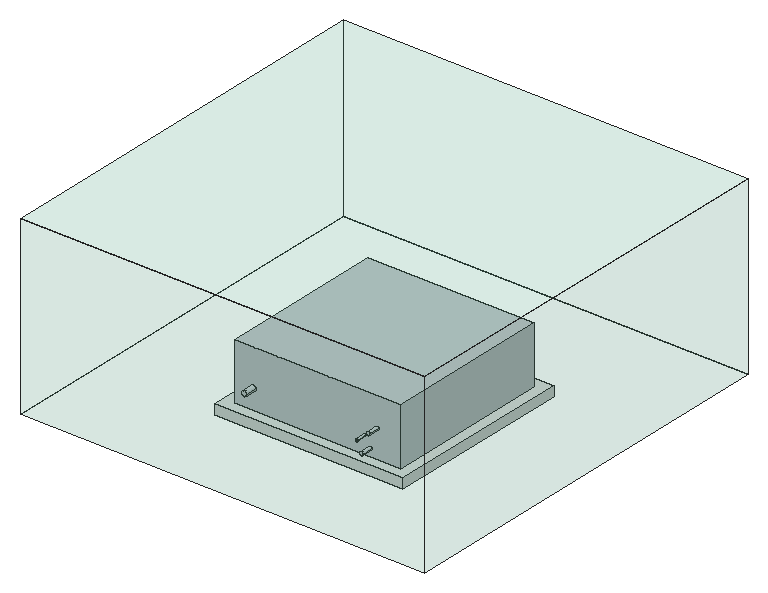
Revit family "EU_SINGLE_IDU_4WAY_CST_L_Ver.1.1", category Mechanical Equipment, Revit 2016
Family settings
  Part Type = Normal
  Round Connector Dimension = Use Radius
  Work Plane-Based = No
  Always vertical = Yes
  Cut with Voids When Loaded = No
  Shared = No
  Room Calculation Point = No
Parameters (values of type "14.0kW, 220-240V, 4WAY CASSETTE(LRG+), R32, 3phase ODU")
  Voltage [instance] = "220~240 V"
  URL = "www.samsung.com"
  Total Heating Capacity [instance] = 15.5 kW
  Total Cooling Capacity [instance] = 13.4 kW
  System Served = ""
  Supply Air Connection Width [instance] = 370.00 mm
  Supply Air Connection Offset Bottom [instance] = 0.00 mm
  Supply Air Connection Height [instance] = 120.00 mm
  Subscribe for Update Alerts = ""
  Sound Pressure Middle [instance] = "41.00 dB(A)"
  Sound Pressure Low [instance] = "37.00 dB(A)"
  Sound Pressure High [instance] = "45.00 dB(A)"
  Sound Power Cooling [instance] = "61.00 dB(A)"
  Serial Number = ""
  Sensible Cooling Capacity [instance] = 0 kW
  Sales Rep Locator = ""
  Return Air Connection Width [instance] = 0.00 mm
  Return Air Connection Offset Bottom [instance] = 0.00 mm
  Return Air Connection Height [instance] = 6.35 mm
  Refrigerant Type = "R32"
  Refrigerant Suction Gas Connection Radius [instance] = if(1 = 1, Refrigerant Suction Gas Connection Diameter / 2, 0.00 mm)  # 7.94 mm
  Refrigerant Suction Gas Connection Offset Left [instance] = 120.00 mm
  Refrigerant Suction Gas Connection Offset Bottom [instance] = 188.00 mm
  Refrigerant Suction Gas Connection Diameter [instance] = 15.88 mm
  Refrigerant Liquid Connection Radius [instance] = if(1 = 1, Refrigerant Liquid Connection Diameter / 2, 0.00 mm)  # 4.76 mm
  Refrigerant Liquid Connection Offset Left [instance] = 180.00 mm
  Refrigerant Liquid Connection Offset Bottom [instance] = 136.00 mm
  Refrigerant Liquid Connection Diameter [instance] = 9.52 mm
  Product Page URL = ""
  Product Documentation Link = ""
  Power Supply [instance] = 50 Hz
  Power Input Heating [instance] = 4.9 W
  Power Input Cooling [instance] = 4.62 W
  Power Connection Offset Left [instance] = 154.00 mm
  Power Connection Offset Bottom [instance] = 85.00 mm
  Phase [instance] = 1
  Panel Net Weight = 6.30 kg
  Panel Net Dimensions Width [instance] = 950.00 mm
  Panel Net Dimensions Height [instance] = 48.00 mm
  Panel Net Dimensions Depth [instance] = 950.00 mm
  Panel Model = "PC4NUFMAN"
  Number of poles [instance] = ""
  Notes = ""
  Net Dimensions Width [instance] = 840.00 mm
  Net Dimensions Height [instance] = 288.00 mm
  Net Dimensions Depth [instance] = 840.00 mm
  Net  Weight = 20.00 kg
  Motor Ouput [instance] = 97 W
  Model/Referance Outdoor Unit [instance] = "AC140RXADNG/EU"
  Model = "AC140RN4DKG/EU"
  Maximum Rated Over Protection Device [instance] = "Fuse"
  Manufacturer Metadata = ""
  Manufacturer = "SAMSUNG"  # constant formula
  Location = ""
  Heating Leaving Dry Bulb Temperature [instance] = 0 °C
  Heating Entering Dry Bulb Temperature [instance] = 7 °C
  Free Content Downloads = ""
  Family Load Status [instance] = "Valid - Type loaded via type catalog"
  External Static Pressure [instance] = "0.00 mmAq"
  Equipment Finish [instance] = Molded case
  Designation = ""
  Design Heating Air Flow Minimum [instance] = "0.00 CMM"
  Design Heating Air Flow Maximum [instance] = "0.00 CMM"
  Design Cooling Air Flow Minimum [instance] = "22.00 CMM"
  Design Cooling Air Flow Maximum [instance] = "32.00 CMM"
  Design Ambient Winter Wet Bulb Temperature [instance] = 6 °C
  Design Ambient Winter Dry Bulb Temperature [instance] = 7 °C
  Design Ambient Summer Dry Bulb Temperature [instance] = 35 °C
  Decoration Panel Finish [instance] = White
  Current Input Heating [instance] = 21.3 A
  Current Input Cooling [instance] = 20 A
  Cooling Leaving Wet Bulb Temperature [instance] = 0 °C
  Cooling Leaving Dry Bulb Temperature [instance] = 0 °C
  Cooling Entering Wet Bulb Temperature [instance] = 24 °C
  Cooling Entering Dry Bulb Temperature [instance] = 35 °C
  Conduit for power supply & communication wiring [instance] = 17.00 mm
  Condensate Drain Connection Radius [instance] = if(1 = 1, Condensate Drain Connection Diameter / 2, 0.00 mm)  # 12.50 mm
  Condensate Drain Connection Offset left [instance] = 95.00 mm
  Condensate Drain Connection Offset Bottom [instance] = 150.00 mm
  Condensate Drain Connection Diameter [instance] = 25.00 mm
  Clearance Type [instance] = Include Clearance : Include Clearance
  Clearance Offset Top [instance] = 600.00 mm
  Clearance Offset Right [instance] = 600.00 mm
  Clearance Offset Left [instance] = 600.00 mm
  Clearance Offset Front [instance] = 600.00 mm
  Clearance Offset Bottom [instance] = 0.00 mm
  Clearance Offset Back [instance] = 600.00 mm
  Actual Ventilation Air Flow [instance] = "0.00 CMM"
  Actual Supply Air Flow [instance] = "0.00 CMM"
  Actual Return Air Flow [instance] = "0.00 CMM"
  Actual Air Flow Imbalance [instance] = "0.00 CMM"
Reference planes
  plane 1 "Center (Front/Back)": y = 0
  plane 2 "base": z = 0
  plane 3 "Center (Left/Right)": x = 0
  plane 4: x = -420
  plane 5: x = 420
  plane 6: y = 420
  plane 7: y = -420
  plane 8: z = 288
  plane 9: x = -475
  plane 10: x = 475
  plane 11: y = -475
  plane 12: y = 475
  plane 13: z = -48
  plane 14: x = 185
  plane 15: x = -185
  plane 16: z = 149.5
  plane 17: z = 29.5
  plane 18: z = 89.5
  plane 19 "air out": z = -53
  plane 20: x = 240
  plane 21: z = 88
  plane 22: x = 300
  plane 23: z = 140
  plane 24: x = 266
  plane 25: z = 37
  plane 26: x = -325
  plane 27: z = 102
Forms (mm)
  Extrusion 1, solid
    sketch origin (0, 0, 0) x (1, 0, 0) y (0, 1, 0)
      loop
        line (-420, 420) -> (-420, -420) -> (420, -420) -> (420, 420) -> (-420, 420)
    from 0 to 288 <- "Net Dimensions Height"
  Extrusion 2, solid, material "Ivory"
    sketch origin (0, 0, 0) x (1, 0, 0) y (0, 1, 0)
      loop
        line (-475, 475) -> (-475, -475) -> (475, -475) -> (475, 475) -> (-475, 475)
    from -48 to 0
  Extrusion 3, void
    sketch origin (-420, 420, 0) x (-1, 0, 0) y (0, 0, -1)
      loop
        line (-605, -149.5) -> (-235, -149.5) -> (-235, -29.5) -> (-605, -29.5) -> (-605, -149.5)
    from 0 to 420
  Extrusion 4, void
    sketch origin (0, 0, -53) x (-1, 0, 0) y (0, -1, 0)
      loop
        line (426.957, -278) -> (426.957, 277.7) -> (362.605, 277.7) -> (362.605, -278) -> (426.957, -278)
      loop
        line (278, 362.986) -> (278, 426.632) -> (-278, 426.632) -> (-278, 362.986) -> (278, 362.986)
      loop
        line (-362.24, 279.762) -> (-428.026, 279.762) -> (-428.026, -280.488) -> (-362.24, -280.488) -> (-362.24, 279.762)
      loop
        line (-279.737, -361.96) -> (-279.737, -427.257) -> (277.7, -427.257) -> (277.7, -361.96) -> (-279.737, -361.96)
    from 0 to 10
  Extrusion 5, solid
    sketch origin (0, 0, 0) x (1, 0, 0) y (0, 0, 1)
      loop
        circle (240, 88) r 4.76
    from 420 to 475
  Extrusion 6, solid
    sketch origin (0, 0, 0) x (1, 0, 0) y (0, 0, 1)
      loop
        circle (300, 140) r 7.94
    from 420 to 475
  Extrusion 7, solid
    sketch origin (0, 0, 0) x (1, 0, 0) y (0, 0, 1)
      loop
        circle (266, 37) r 8.5
    from 420 to 475
  Extrusion 8, solid
    sketch origin (0, 0, 0) x (1, 0, 0) y (0, 0, 1)
      loop
        circle (-325, 102) r 12.5
    from 420 to 475
Cuts and joins
  Extrusion 3 cuts Extrusion 1
  Extrusion 4 cuts Extrusion 2
Dimensions and locks
  equal spacing: plane 6, plane 1 "Center (Front/Back)", plane 7
  equal spacing: plane 4, plane 3 "Center (Left/Right)", plane 5
  "Net Dimensions Depth": plane 6 to plane 7
  "Net Dimensions Width": plane 4 to plane 5
  "Net Dimensions Height": plane 8 to plane 2 "base"
  equal spacing: plane 9, plane 3 "Center (Left/Right)", plane 10
  equal spacing: plane 12, plane 1 "Center (Front/Back)", plane 11
  "Panel Net Dimensions Depth": plane 12 to plane 11
  "Panel Net Dimensions Width": plane 9 to plane 10
  "Panel Net Dimensions Height": plane 2 "base" to plane 13
  equal spacing: plane 15, plane 3 "Center (Left/Right)", plane 14
  "Supply Air Connection Width": plane 15 to plane 14
  equal spacing: plane 17, plane 18, plane 16
  "Supply Air Connection Height": plane 17 to plane 16
  plane 13 to plane 19 "air out" = 5.00 mm
  "Refrigerant Liquid Connection Offset Left": plane 5 to plane 20
  "Refrigerant Liquid Connection Offset Bottom": plane 21 to plane 13
  "Refrigerant Suction Gas Connection Offset Bottom": plane 23 to plane 13
  "Refrigerant Suction Gas Connection Offset Left": plane 5 to plane 22
  "Power Connection Offset Bottom": plane 25 to plane 13
  "Power Connection Offset Left": plane 5 to plane 24
  "Condensate Drain Connection Offset Bottom": plane 27 to plane 13
  "Condensate Drain Connection Offset left": plane 26 to plane 4
  "Refrigerant Liquid Connection Radius": radius of Extrusion 5 sketch curve
  "Refrigerant Suction Gas Connection Radius": radius of Extrusion 6 sketch curve
  "Condensate Drain Connection Radius": radius of Extrusion 8 sketch curve
  "Conduit for power supply & communication wiring": diameter of Extrusion 7 sketch curve
  aligned and locked: level to plane 2 "base"
  aligned and locked: Extrusion 1 sketch curve to plane 6
  aligned and locked: plane 4 to Extrusion 1 sketch curve
  aligned and locked: plane 7 to Extrusion 1 sketch curve
  aligned and locked: Extrusion 1 sketch curve to plane 5
  aligned and locked: plane 8 to Extrusion 1
  aligned and locked: Extrusion 1 to plane 2 "base"
  aligned and locked: Extrusion 2 sketch curve to plane 12
  aligned and locked: plane 9 to Extrusion 2 sketch curve
  aligned and locked: plane 11 to Extrusion 2 sketch curve
  aligned and locked: Extrusion 2 sketch curve to plane 10
  aligned and locked: Extrusion 2 to plane 13
  aligned and locked: plane 2 "base" to Extrusion 2
  aligned and locked: plane 16 to Extrusion 3 sketch curve
  aligned and locked: Extrusion 3 sketch curve to plane 14
  aligned and locked: plane 17 to Extrusion 3 sketch curve
  aligned and locked: plane 15 to Extrusion 3 sketch curve
  aligned and locked: plane 1 "Center (Front/Back)" to Extrusion 3
  aligned and locked: level to nested 1
  aligned and locked: plane 3 "Center (Left/Right)" to nested 1
  aligned and locked: plane 1 "Center (Front/Back)" to nested 1
  aligned and locked: nested 2 to cut or joined group of Extrusion 2, Extrusion 4
  aligned and locked: Extrusion 5 to cut or joined group of Extrusion 1, Extrusion 3
  aligned and locked: cut or joined group of Extrusion 2, Extrusion 4 to Extrusion 5
  aligned and locked: Extrusion 7 to cut or joined group of Extrusion 1, Extrusion 3
  aligned and locked: cut or joined group of Extrusion 2, Extrusion 4 to Extrusion 7
  aligned and locked: Extrusion 6 to cut or joined group of Extrusion 1, Extrusion 3
  aligned and locked: cut or joined group of Extrusion 2, Extrusion 4 to Extrusion 6
  aligned and locked: Extrusion 8 to cut or joined group of Extrusion 1, Extrusion 3
  aligned and locked: cut or joined group of Extrusion 2, Extrusion 4 to Extrusion 8
Automatic sketch dimensions
  plane 5 to Extrusion 4 sketch curve = 8.026 mm
  Extrusion 4 sketch curve to plane 5 = 57.76 mm
  Extrusion 4 sketch curve to plane 4 = 6.957 mm
  plane 6 to Extrusion 4 sketch curve = 7.257 mm
  Extrusion 4 sketch curve to plane 6 = 58.04 mm
  Extrusion 4 sketch curve to plane 6 = 139.512 mm
  Extrusion 4 sketch curve to Extrusion 4 sketch curve = 83.96 mm
  plane 7 to Extrusion 4 sketch curve = 142.30 mm
  plane 7 to Extrusion 4 sketch curve = 140.238 mm
  plane 7 to Extrusion 4 sketch curve = 57.014 mm
  Extrusion 4 sketch curve to plane 7 = 6.632 mm
  plane 15 to Extrusion 4 sketch curve = 92.70 mm
  plane 15 to Extrusion 4 sketch curve = 93.00 mm
  plane 4 to Extrusion 4 sketch curve = 57.395 mm
  Extrusion 5 sketch curve to plane 20 = 0.00 mm
  Extrusion 5 sketch curve to plane 21 = 0.00 mm
  plane 20 to Extrusion 4 sketch curve = 39.737 mm
  plane 20 to Extrusion 4 sketch curve = 38.00 mm
  Extrusion 6 sketch curve to plane 22 = 0.00 mm
  Extrusion 6 sketch curve to plane 23 = 0.00 mm
  Extrusion 8 sketch curve to plane 26 = 0.00 mm
  Extrusion 8 sketch curve to plane 27 = 0.00 mm
  Extrusion 7 sketch curve to plane 24 = 0.00 mm
  Extrusion 7 sketch curve to plane 25 = 0.00 mm
Nested families
  nested 1: "Include Clearance" at (0, 0, 0), type <- "Clearance Type", type "Include Clearance"
    with Equipment Finish none, Width 840.00 mm, Length 840.00 mm, Height 288.00 mm, Clearance Offset Top 600.00 mm
  nested 2: "SAMSUNG(CI)" at (302.5, -1636.601, 117) x (-1, 0, 0) z (0, 1, 0), type "INVALID TYPE - Use Load Family and Type Catalog Instead"
    with Product Name "DVM S Eco(NEW)", Operating Mode "HEAT PUMP"
Connectors
  hvac at (0, 420, 89.5), driven by "Supply Air Connection Height", driven by "Supply Air Connection Width"
    settings: on cut or joined group of Extrusion 1, Extrusion 3, index 5, duct flow 0.0 L/s, flow factor 0, pres drop 0.0 Pa, loss coef 0, conn angle 0.00°, conn width 370 mm, conn height 120 mm, conn diameter 609.6 mm, duct sys type 4, conn prof type 1, flow config 2, flow direction 0, loss method 0, conn ref index -1, conn util no, is conn primary yes, conn desc ""
  piping at (240, -475, 88), diameter 9.52, driven by "Refrigerant Liquid Connection Radius"
    settings: on Extrusion 5, index 6, connector inside diameter 6.35 mm, connector length 0.00 mm, flow factor 0, pipe flow 0.0 L/s, pressure drop 0.0 Pa, fitting loss kfactor 0, connector angle 0.00°, fixture units 0, engagement length 0.00 mm, angle of deflection 0.00°, flow configuration 0, flow direction 0, fitting loss method 0, system type 19, joint type 0, gender type 0, connector reference index -1, connector utility 0, adjustable connector no, is connector primary yes, connector description ""
  piping at (300, -475, 140), diameter 15.88, driven by "Refrigerant Suction Gas Connection Radius"
    settings: on Extrusion 6, index 7, connector inside diameter 12.7 mm, connector length 0.00 mm, flow factor 0, pipe flow 0.0 L/s, pressure drop 0.0 Pa, fitting loss kfactor 0, connector angle 0.00°, fixture units 0, engagement length 0.00 mm, angle of deflection 0.00°, flow configuration 0, flow direction 0, fitting loss method 0, system type 19, joint type 0, gender type 0, connector reference index -1, connector utility 0, adjustable connector no, is connector primary no, connector description ""
  electrical at (266, -475, 37)
    settings: on Extrusion 7, index 8, voltage 220 V, apparent load 0 VA, apparent load phase1 0 VA, apparent load phase2 0 VA, apparent load phase3 0 VA, power factor 1, load classification "Other", number of poles 1, system type 30, power factor state 1, is connector primary yes, connector utility no, sub classification motor no, connector description ""
  piping at (-325, -475, 102), diameter 25, driven by "Condensate Drain Connection Radius"
    settings: on Extrusion 8, index 9, connector inside diameter 25 mm, connector length 0.00 mm, flow factor 0, pipe flow 0.0 L/s, pressure drop 0.0 Pa, fitting loss kfactor 0, connector angle 0.00°, fixture units 0, engagement length 0.00 mm, angle of deflection 0.00°, flow configuration 0, flow direction 0, fitting loss method 0, system type 19, joint type 0, gender type 0, connector reference index -1, connector utility 0, adjustable connector no, is connector primary no, connector description ""
Definition of nested family "Include Clearance"
  Parameters
    Width = 650.00 mm
    URL = ""
    Manufacturer = ""
    Length = 1000.00 mm
    Height = 250.00 mm
    Equipment Finish [instance] = none
    Copyright © = ""
    Clearance Offset Top = 200.00 mm
    Clearance Offset Right = 600.00 mm
    Clearance Offset Left = 600.00 mm
    Clearance Offset Front = 600.00 mm
    Clearance Offset Bottom = 0.00 mm
    Clearance Offset Back = 600.00 mm
    Assembly Code = ""
  Reference planes
    plane 1 "Center (Front/Back)": y = 0
    plane 2 "Bottom": z = 0
    plane 3 "Center (Left/Right)": x = 0
    plane 4 "Left": x = -500
    plane 5 "Back": y = 325
    plane 6 "Right": x = 500
    plane 7 "Front": y = -325
    plane 8 "Top": z = 250
    plane 9 "Clearance Offset Right": x = 1100
    plane 10 "Clearance Offset Left": x = -1100
    plane 11 "Clearance Offset Back": y = 925
    plane 12 "Clearance Offset Front": y = -925
    plane 13 "Clearance Offset Top": z = 450
    plane 14: z = 0
  Forms (mm)
    Extrusion 1, solid
      sketch origin (0, 0, 0) x (1, 0, 0) y (0, 1, 0)
        loop
          line (-1100, 925) -> (-1100, -925) -> (1100, -925) -> (1100, 925) -> (-1100, 925)
      from 0 to 450
  Lines and regions (mm)
    symbolic lines
      curve 1: line (-1100, 0, 450) -> (1100, 0, 450)
      curve 2: line (-1100, 0, 0) -> (-1100, 0, 450)
      curve 3: line (1100, 0, 0) -> (-1100, 0, 0)
      curve 4: line (1100, 0, 450) -> (1100, 0, 0)
      curve 5: line (0, 925, 450) -> (0, -925, 450)
      curve 6: line (0, 925, 0) -> (0, 925, 450)
      curve 7: line (0, -925, 0) -> (0, 925, 0)
      curve 8: line (0, -925, 450) -> (0, -925, 0)
      curve 9: line (-1100, 925, 0) -> (1100, 925, 0)
      curve 10: line (-1100, -925, 0) -> (-1100, 925, 0)
      curve 11: line (1100, -925, 0) -> (-1100, -925, 0)
      curve 12: line (1100, 925, 0) -> (1100, -925, 0)
  Text (mm)
    text "Copyright © Daikin Industries, Ltd. 2008" at (0.011, 0.009, 0), in view "Ref. Level"
  Dimensions and locks
    equal spacing: plane 4 "Left", plane 3 "Center (Left/Right)", plane 6 "Right"
    "Length": plane 4 "Left" to plane 6 "Right"
    equal spacing: plane 5 "Back", plane 1 "Center (Front/Back)", plane 7 "Front"
    "Width": plane 5 "Back" to plane 7 "Front"
    "Height": plane 8 "Top" to plane 2 "Bottom"
    "Clearance Offset Front": plane 12 "Clearance Offset Front" to plane 7 "Front"
    "Clearance Offset Back": plane 11 "Clearance Offset Back" to plane 5 "Back"
    "Clearance Offset Left": plane 10 "Clearance Offset Left" to plane 4 "Left"
    "Clearance Offset Right": plane 6 "Right" to plane 9 "Clearance Offset Right"
    "Clearance Offset Top": plane 13 "Clearance Offset Top" to plane 8 "Top"
    curve 3 to plane 14 = 0.00 mm
    "Clearance Offset Bottom": plane 2 "Bottom" to plane 14
    aligned and locked: plane 2 "Bottom" to level
    aligned and locked: plane 9 "Clearance Offset Right" to Extrusion 1 sketch curve
    aligned and locked: Extrusion 1 sketch curve to plane 11 "Clearance Offset Back"
    aligned and locked: plane 10 "Clearance Offset Left" to Extrusion 1 sketch curve
    aligned and locked: Extrusion 1 sketch curve to plane 12 "Clearance Offset Front"
    aligned and locked: curve 9 to Extrusion 1  (x2)
    aligned and locked: Extrusion 1 to curve 12
    aligned and locked: curve 12 to Extrusion 1
    aligned and locked: plane 13 "Clearance Offset Top" to Extrusion 1
    aligned and locked: Extrusion 1 to plane 14
    aligned and locked: Extrusion 1 to plane 10 "Clearance Offset Left"
    aligned and locked: Extrusion 1 to plane 9 "Clearance Offset Right"  (x2)
    aligned and locked: Extrusion 1 to plane 13 "Clearance Offset Top"  (x2)
    aligned and locked: plane 14 to Extrusion 1  (x2)
    aligned and locked: curve 1 to plane 13 "Clearance Offset Top"
    aligned and locked: plane 9 "Clearance Offset Right" to curve 4
    aligned and locked: plane 10 "Clearance Offset Left" to curve 2
    aligned and locked: plane 14 to curve 3
    aligned and locked: plane 10 "Clearance Offset Left" to Extrusion 1  (x2)
    aligned and locked: curve 8 to plane 12 "Clearance Offset Front"
    aligned and locked: curve 5 to plane 13 "Clearance Offset Top"
    aligned and locked: curve 6 to plane 11 "Clearance Offset Back"
    aligned and locked: plane 14 to curve 7
Definition of nested family "SAMSUNG(CI)"
  Parameters
    URL = "www.samsung.com"
    System Served = ""
    Subscribe for Update Alerts = ""
    Serial Number = ""
    Sales Rep Locator = ""
    Product Page URL = ""
    Product Name [instance] = ""
    Product Documentation Link = ""
    Operating Mode [instance] = ""
    Notes = "CI"
    Model = ""
    Manufacturer Metadata = ""
    Manufacturer = "Samsung"  # constant formula
    Location = ""
    Free Content Downloads = ""
    Designation = ""
  Reference planes
    plane 1 "Center (Front/Back)": y = 0
    plane 2 "base": z = 0
    plane 3 "Center (Left/Right)": x = 0
  Forms (mm)
    Extrusion 1, solid
      sketch origin (470, -165, 0) x (-1, 0, 0) y (0, 0, -1)
        loop
          arc (257.256, -1327.003) -> (250.338, -1326.182) -> (246.692, -1320.247) r 7.992
          line (246.692, -1320.247) -> (246.692, -1316.852) -> (254.047, -1316.852) -> (254.047, -1319.116)
          arc (254.047, -1319.116) -> (257.466, -1321.062) -> (257.391, -1317.127) r 2.263
          line (257.391, -1317.127) -> (249.306, -1312.728)
          arc (249.306, -1312.728) -> (247.087, -1310.67) -> (246.126, -1307.8) r 6.121
          line (246.126, -1307.8) -> (246.126, -1305.537)
          arc (246.126, -1305.537) -> (256.31, -1298.732) -> (266.493, -1305.537) r 11.022
          line (266.493, -1305.537) -> (266.493, -1308.932) -> (258.573, -1308.932) -> (258.573, -1306.67)
          arc (258.573, -1306.67) -> (255.141, -1304.732) -> (255.255, -1308.672) r 2.263
          line (255.255, -1308.672) -> (262.602, -1312.849)
          arc (262.602, -1312.849) -> (264.902, -1315.01) -> (265.958, -1317.984) r 6.706
          line (265.958, -1317.984) -> (265.958, -1320.244)
          arc (265.958, -1320.244) -> (265.331, -1322.736) -> (263.599, -1324.635) r 5.266
          arc (263.599, -1324.635) -> (269.025, -1322.29) -> (274.406, -1319.842) r 309.246
          arc (274.406, -1319.842) -> (278.355, -1318.08) -> (282.217, -1316.133) r 91.892
          arc (282.217, -1316.133) -> (284.487, -1314.928) -> (286.71, -1313.637) r 67.043
          arc (286.71, -1313.637) -> (288.174, -1312.641) -> (289.623, -1311.624) r 121.609
          arc (289.623, -1311.624) -> (291.117, -1310.542) -> (292.57, -1309.404) r 48.689
          arc (292.57, -1309.404) -> (294.017, -1308.27) -> (295.392, -1307.049) r 29.649
          arc (295.392, -1307.049) -> (296.546, -1305.939) -> (297.62, -1304.752) r 22.979
          arc (297.62, -1304.752) -> (298.5, -1303.664) -> (299.288, -1302.508) r 17.124
          arc (299.288, -1302.508) -> (299.934, -1301.43) -> (300.463, -1300.289) r 11.876
          arc (300.463, -1300.289) -> (300.873, -1299.221) -> (301.145, -1298.11) r 9.086
          arc (301.145, -1298.11) -> (301.278, -1297.058) -> (301.276, -1295.997) r 8.267
          arc (301.276, -1295.997) -> (301.138, -1294.967) -> (300.882, -1293.959) r 8.908
          arc (300.882, -1293.959) -> (300.464, -1292.961) -> (299.951, -1292.008) r 11.032
          arc (299.951, -1292.008) -> (299.271, -1291.052) -> (298.518, -1290.151) r 15.106
          arc (298.518, -1290.151) -> (297.573, -1289.247) -> (296.575, -1288.401) r 21.501
          arc (296.575, -1288.401) -> (295.391, -1287.553) -> (294.167, -1286.762) r 30.601
          arc (294.167, -1286.762) -> (292.748, -1285.976) -> (291.3, -1285.244) r 42.727
          arc (291.3, -1285.244) -> (289.673, -1284.52) -> (288.025, -1283.846) r 57.776
          arc (288.025, -1283.846) -> (286.199, -1283.189) -> (284.358, -1282.578) r 76.022
          arc (284.358, -1282.578) -> (282.36, -1281.985) -> (280.35, -1281.435) r 97.926
          arc (280.35, -1281.435) -> (278.19, -1280.909) -> (276.022, -1280.422) r 124.368
          arc (276.022, -1280.422) -> (273.733, -1279.959) -> (271.437, -1279.532) r 146.449
          arc (271.437, -1279.532) -> (269.028, -1279.133) -> (266.613, -1278.768) r 171.678
          arc (266.613, -1278.768) -> (264.05, -1278.423) -> (261.483, -1278.111) r 205.135
          arc (261.483, -1278.111) -> (258.718, -1277.817) -> (255.949, -1277.556) r 233.448
          arc (255.949, -1277.556) -> (252.988, -1277.314) -> (250.025, -1277.105) r 268.023
          arc (250.025, -1277.105) -> (246.868, -1276.923) -> (243.709, -1276.774) r 304.233
          arc (243.709, -1276.774) -> (240.371, -1276.654) -> (237.032, -1276.566) r 343.121
          arc (237.032, -1276.566) -> (233.516, -1276.513) -> (230, -1276.492) r 378.704
          arc (230, -1276.492) -> (226.326, -1276.505) -> (222.653, -1276.551) r 416.052
          arc (222.653, -1276.551) -> (218.83, -1276.637) -> (215.009, -1276.756) r 449.8
          arc (215.009, -1276.756) -> (211.061, -1276.912) -> (207.116, -1277.101) r 482.662
          arc (207.116, -1277.101) -> (203.058, -1277.332) -> (199.003, -1277.596) r 510.257
          arc (199.003, -1277.596) -> (194.862, -1277.898) -> (190.724, -1278.232) r 534.514
          arc (190.724, -1278.232) -> (186.519, -1278.608) -> (182.317, -1279.015) r 553.014
          arc (182.317, -1279.015) -> (178.075, -1279.459) -> (173.837, -1279.935) r 565.829
          arc (173.837, -1279.935) -> (169.582, -1280.448) -> (165.33, -1280.992) r 573.124
          arc (165.33, -1280.992) -> (161.086, -1281.567) -> (156.847, -1282.173) r 572.829
          arc (156.847, -1282.173) -> (152.64, -1282.809) -> (148.438, -1283.476) r 567.911
          arc (148.438, -1283.476) -> (144.289, -1284.166) -> (140.146, -1284.886) r 555.278
          arc (140.146, -1284.886) -> (136.082, -1285.626) -> (132.023, -1286.397) r 540.479
          arc (132.023, -1286.397) -> (128.058, -1287.18) -> (124.101, -1287.994) r 515.558
          arc (124.101, -1287.994) -> (120.26, -1288.815) -> (116.427, -1289.667) r 488.161
          arc (116.427, -1289.667) -> (112.721, -1290.52) -> (109.022, -1291.404) r 460.471
          arc (109.022, -1291.404) -> (105.471, -1292.284) -> (101.927, -1293.194) r 440.452
          arc (101.927, -1293.194) -> (98.536, -1294.092) -> (95.154, -1295.02) r 391.802
          arc (95.154, -1295.02) -> (91.941, -1295.93) -> (88.738, -1296.872) r 331.309
          line (88.738, -1296.872) -> (82.661, -1298.749)
          arc (82.661, -1298.749) -> (88.888, -1300.708) -> (92.11, -1306.386) r 8.913
          line (92.11, -1306.386) -> (92.11, -1319.398)
          arc (92.11, -1319.398) -> (82.493, -1327.035) -> (72.875, -1319.398) r 9.874
          line (72.875, -1319.398) -> (72.875, -1317.418) -> (80.513, -1317.418) -> (80.513, -1319.398)
          arc (80.513, -1319.398) -> (82.493, -1321.378) -> (84.473, -1319.398) r 1.98
          line (84.473, -1319.398) -> (84.473, -1306.386)
          arc (84.473, -1306.386) -> (82.493, -1304.406) -> (80.513, -1306.386) r 1.98
          line (80.513, -1306.386) -> (80.513, -1309.497) -> (82.493, -1309.497) -> (82.493, -1313.458) -> (72.875, -1313.458) -> (72.875, -1305.954)
          arc (72.875, -1305.954) -> (73.704, -1303.268) -> (75.521, -1301.124) r 7.016
          arc (75.521, -1301.124) -> (69.244, -1303.532) -> (63.008, -1306.046) r 397.928
          arc (63.008, -1306.046) -> (58.393, -1307.876) -> (53.856, -1309.892) r 121.956
          arc (53.856, -1309.892) -> (51.144, -1311.161) -> (48.475, -1312.518) r 91.735
          arc (48.475, -1312.518) -> (46.666, -1313.58) -> (44.872, -1314.665) r 164.173
          arc (44.872, -1314.665) -> (43.011, -1315.824) -> (41.189, -1317.042) r 67.791
          arc (41.189, -1317.042) -> (39.37, -1318.259) -> (37.617, -1319.569) r 41.777
          arc (37.617, -1319.569) -> (36.123, -1320.766) -> (34.702, -1322.049) r 32.257
          arc (34.702, -1322.049) -> (33.514, -1323.225) -> (32.413, -1324.483) r 23.512
          arc (32.413, -1324.483) -> (31.486, -1325.648) -> (30.675, -1326.898) r 15.562
          arc (30.675, -1326.898) -> (30.011, -1328.05) -> (29.494, -1329.275) r 10.886
          arc (29.494, -1329.275) -> (29.138, -1330.411) -> (28.939, -1331.584) r 8.779
          arc (28.939, -1331.584) -> (28.887, -1332.701) -> (28.985, -1333.815) r 8.408
          arc (28.985, -1333.815) -> (29.253, -1334.902) -> (29.645, -1335.951) r 9.661
          arc (29.645, -1335.951) -> (30.217, -1336.996) -> (30.883, -1337.984) r 12.903
          arc (30.883, -1337.984) -> (31.76, -1338.973) -> (32.705, -1339.897) r 18.535
          arc (32.705, -1339.897) -> (33.858, -1340.823) -> (35.061, -1341.686) r 27.033
          arc (35.061, -1341.686) -> (36.483, -1342.543) -> (37.94, -1343.338) r 38.822
          arc (37.94, -1343.338) -> (39.599, -1344.124) -> (41.284, -1344.854) r 53.845
          arc (41.284, -1344.854) -> (43.167, -1345.565) -> (45.069, -1346.224) r 72.44
          arc (45.069, -1346.224) -> (47.147, -1346.862) -> (49.238, -1347.453) r 95.068
          arc (49.238, -1347.453) -> (51.494, -1348.016) -> (53.761, -1348.536) r 122.777
          arc (53.761, -1348.536) -> (56.159, -1349.028) -> (58.566, -1349.48) r 145.634
          arc (58.566, -1349.48) -> (61.094, -1349.901) -> (63.628, -1350.284) r 171.922
          arc (63.628, -1350.284) -> (66.326, -1350.644) -> (69.029, -1350.969) r 207.343
          arc (69.029, -1350.969) -> (71.954, -1351.275) -> (74.883, -1351.543) r 236.909
          arc (74.883, -1351.543) -> (78.029, -1351.79) -> (81.177, -1352.001) r 273.522
          arc (81.177, -1352.001) -> (84.545, -1352.181) -> (87.915, -1352.325) r 311.841
          arc (87.915, -1352.325) -> (91.487, -1352.436) -> (95.059, -1352.511) r 353.101
          arc (95.059, -1352.511) -> (98.832, -1352.547) -> (102.605, -1352.546) r 390.355
          arc (102.605, -1352.546) -> (106.556, -1352.505) -> (110.505, -1352.429) r 429.401
          arc (110.505, -1352.429) -> (114.621, -1352.306) -> (118.736, -1352.147) r 463.961
          arc (118.736, -1352.147) -> (122.989, -1351.944) -> (127.241, -1351.705) r 497.155
          arc (127.241, -1351.705) -> (131.612, -1351.417) -> (135.981, -1351.093) r 523.922
          arc (135.981, -1351.093) -> (140.44, -1350.725) -> (144.895, -1350.32) r 546.438
          arc (144.895, -1350.32) -> (149.415, -1349.869) -> (153.932, -1349.381) r 562.058
          arc (153.932, -1349.381) -> (158.481, -1348.853) -> (163.027, -1348.289) r 570.808
          arc (163.027, -1348.289) -> (167.576, -1347.685) -> (172.121, -1347.045) r 573.187
          arc (172.121, -1347.045) -> (176.64, -1346.372) -> (181.154, -1345.663) r 566.808
          arc (181.154, -1345.663) -> (185.613, -1344.924) -> (190.065, -1344.149) r 555.457
          arc (190.065, -1344.149) -> (194.438, -1343.353) -> (198.803, -1342.521) r 535.611
          arc (198.803, -1342.521) -> (203.059, -1341.673) -> (207.308, -1340.788) r 513.885
          arc (207.308, -1340.788) -> (211.429, -1339.896) -> (215.542, -1338.968) r 481.756
          arc (215.542, -1338.968) -> (219.502, -1338.038) -> (223.452, -1337.073) r 447.901
          arc (223.452, -1337.073) -> (227.24, -1336.114) -> (231.018, -1335.119) r 414.22
          arc (231.018, -1335.119) -> (234.611, -1334.137) -> (238.195, -1333.12) r 389.27
          arc (238.195, -1333.12) -> (241.59, -1332.125) -> (244.974, -1331.094) r 337.122
          arc (244.974, -1331.094) -> (248.154, -1330.094) -> (251.321, -1329.055) r 275.24
          line (251.321, -1329.055) -> (257.256, -1327.003)
        loop
          line (229.763, -1322.879) -> (226.651, -1298.748) -> (218.731, -1298.748) -> (223.54, -1327.035) -> (235.986, -1327.035) -> (240.795, -1298.748) -> (232.875, -1298.748) -> (229.763, -1322.879)
        loop
          line (198.289, -1310.063) -> (201.117, -1327.035) -> (213.564, -1327.035) -> (213.564, -1298.748) -> (206.209, -1298.748) -> (206.209, -1323.433) -> (202.249, -1298.748) -> (194.328, -1298.748) -> (190.368, -1323.434) -> (190.368, -1298.748) -> (183.014, -1298.748) -> (183.014, -1327.035) -> (195.46, -1327.035) -> (198.289, -1310.063)
        loop
          line (173.066, -1312.849) -> (165.642, -1308.628)
          arc (165.642, -1308.628) -> (165.642, -1304.709) -> (169.036, -1306.669) r 2.263
          line (169.036, -1306.669) -> (169.036, -1308.932) -> (176.957, -1308.932) -> (176.957, -1305.537)
          arc (176.957, -1305.537) -> (166.773, -1298.748) -> (156.59, -1305.537) r 11.032
          line (156.59, -1305.537) -> (156.59, -1307.8)
          arc (156.59, -1307.8) -> (157.551, -1310.67) -> (159.769, -1312.728) r 6.121
          line (159.769, -1312.728) -> (167.855, -1317.127)
          arc (167.855, -1317.127) -> (167.93, -1321.06) -> (164.51, -1319.115) r 2.263
          line (164.51, -1319.115) -> (164.51, -1316.852) -> (157.156, -1316.852) -> (157.156, -1320.247)
          arc (157.156, -1320.247) -> (166.773, -1327.036) -> (176.391, -1320.247) r 10.207
          arc (176.391, -1320.247) -> (175.936, -1316.005) -> (173.066, -1312.849) r 6.87
        loop
          line (150.047, -1327.035) -> (150.047, -1306.669)
          arc (150.047, -1306.669) -> (139.864, -1298.748) -> (129.68, -1306.669) r 10.507
          line (129.68, -1306.669) -> (129.68, -1327.035) -> (137.601, -1327.035) -> (137.601, -1306.669)
          arc (137.601, -1306.669) -> (139.864, -1304.406) -> (142.127, -1306.669) r 2.263
          line (142.127, -1306.669) -> (142.127, -1327.035) -> (150.047, -1327.035)
        loop
          line (105.828, -1308.649) -> (113.183, -1327.035) -> (122.574, -1327.035) -> (122.574, -1298.748) -> (115.559, -1298.748) -> (115.559, -1317.135) -> (108.204, -1298.748) -> (98.813, -1298.748) -> (98.813, -1327.035) -> (105.828, -1327.035) -> (105.828, -1308.649)
      from 0 to 2
    Extrusion 2, solid, not visible
      sketch origin (470, -165, 0) x (-1, 0, 0) y (0, 0, -1)
        loop
          arc (257.256, -1327.003) -> (250.338, -1326.182) -> (246.692, -1320.247) r 7.992
          line (246.692, -1320.247) -> (246.692, -1316.852) -> (254.047, -1316.852) -> (254.047, -1319.116)
          arc (254.047, -1319.116) -> (257.466, -1321.062) -> (257.391, -1317.127) r 2.263
          line (257.391, -1317.127) -> (249.306, -1312.728)
          arc (249.306, -1312.728) -> (247.087, -1310.67) -> (246.126, -1307.8) r 6.121
          line (246.126, -1307.8) -> (246.126, -1305.537)
          arc (246.126, -1305.537) -> (256.31, -1298.732) -> (266.493, -1305.537) r 11.022
          line (266.493, -1305.537) -> (266.493, -1308.932) -> (258.573, -1308.932) -> (258.573, -1306.67)
          arc (258.573, -1306.67) -> (255.141, -1304.732) -> (255.255, -1308.672) r 2.263
          line (255.255, -1308.672) -> (262.602, -1312.849)
          arc (262.602, -1312.849) -> (264.902, -1315.01) -> (265.958, -1317.984) r 6.706
          line (265.958, -1317.984) -> (265.958, -1320.244)
          arc (265.958, -1320.244) -> (265.331, -1322.736) -> (263.599, -1324.635) r 5.266
          arc (263.599, -1324.635) -> (269.025, -1322.29) -> (274.406, -1319.842) r 309.246
          arc (274.406, -1319.842) -> (278.355, -1318.08) -> (282.217, -1316.133) r 91.892
          arc (282.217, -1316.133) -> (284.487, -1314.928) -> (286.71, -1313.637) r 67.043
          arc (286.71, -1313.637) -> (288.174, -1312.641) -> (289.623, -1311.624) r 121.609
          arc (289.623, -1311.624) -> (291.117, -1310.542) -> (292.57, -1309.404) r 48.689
          arc (292.57, -1309.404) -> (294.017, -1308.27) -> (295.392, -1307.049) r 29.649
          arc (295.392, -1307.049) -> (296.546, -1305.939) -> (297.62, -1304.752) r 22.979
          arc (297.62, -1304.752) -> (298.5, -1303.664) -> (299.288, -1302.508) r 17.124
          arc (299.288, -1302.508) -> (299.934, -1301.43) -> (300.463, -1300.289) r 11.876
          arc (300.463, -1300.289) -> (300.873, -1299.221) -> (301.145, -1298.11) r 9.086
          arc (301.145, -1298.11) -> (301.278, -1297.058) -> (301.276, -1295.997) r 8.267
          arc (301.276, -1295.997) -> (301.138, -1294.967) -> (300.882, -1293.959) r 8.908
          arc (300.882, -1293.959) -> (300.464, -1292.961) -> (299.951, -1292.008) r 11.032
          arc (299.951, -1292.008) -> (299.271, -1291.052) -> (298.518, -1290.151) r 15.106
          arc (298.518, -1290.151) -> (297.573, -1289.247) -> (296.575, -1288.401) r 21.501
          arc (296.575, -1288.401) -> (295.391, -1287.553) -> (294.167, -1286.762) r 30.601
          arc (294.167, -1286.762) -> (292.748, -1285.976) -> (291.3, -1285.244) r 42.727
          arc (291.3, -1285.244) -> (289.673, -1284.52) -> (288.025, -1283.846) r 57.776
          arc (288.025, -1283.846) -> (286.199, -1283.189) -> (284.358, -1282.578) r 76.022
          arc (284.358, -1282.578) -> (282.36, -1281.985) -> (280.35, -1281.435) r 97.926
          arc (280.35, -1281.435) -> (278.19, -1280.909) -> (276.022, -1280.422) r 124.368
          arc (276.022, -1280.422) -> (273.733, -1279.959) -> (271.437, -1279.532) r 146.449
          arc (271.437, -1279.532) -> (269.028, -1279.133) -> (266.613, -1278.768) r 171.678
          arc (266.613, -1278.768) -> (264.05, -1278.423) -> (261.483, -1278.111) r 205.135
          arc (261.483, -1278.111) -> (258.718, -1277.817) -> (255.949, -1277.556) r 233.448
          arc (255.949, -1277.556) -> (252.988, -1277.314) -> (250.025, -1277.105) r 268.023
          arc (250.025, -1277.105) -> (246.868, -1276.923) -> (243.709, -1276.774) r 304.233
          arc (243.709, -1276.774) -> (240.371, -1276.654) -> (237.032, -1276.566) r 343.121
          arc (237.032, -1276.566) -> (233.516, -1276.513) -> (230, -1276.492) r 378.704
          arc (230, -1276.492) -> (226.326, -1276.505) -> (222.653, -1276.551) r 416.052
          arc (222.653, -1276.551) -> (218.83, -1276.637) -> (215.009, -1276.756) r 449.8
          arc (215.009, -1276.756) -> (211.061, -1276.912) -> (207.116, -1277.101) r 482.662
          arc (207.116, -1277.101) -> (203.058, -1277.332) -> (199.003, -1277.596) r 510.257
          arc (199.003, -1277.596) -> (194.862, -1277.898) -> (190.724, -1278.232) r 534.514
          arc (190.724, -1278.232) -> (186.519, -1278.608) -> (182.317, -1279.015) r 553.014
          arc (182.317, -1279.015) -> (178.075, -1279.459) -> (173.837, -1279.935) r 565.829
          arc (173.837, -1279.935) -> (169.582, -1280.448) -> (165.33, -1280.992) r 573.124
          arc (165.33, -1280.992) -> (161.086, -1281.567) -> (156.847, -1282.173) r 572.829
          arc (156.847, -1282.173) -> (152.64, -1282.809) -> (148.438, -1283.476) r 567.911
          arc (148.438, -1283.476) -> (144.289, -1284.166) -> (140.146, -1284.886) r 555.278
          arc (140.146, -1284.886) -> (136.082, -1285.626) -> (132.023, -1286.397) r 540.479
          arc (132.023, -1286.397) -> (128.058, -1287.18) -> (124.101, -1287.994) r 515.558
          arc (124.101, -1287.994) -> (120.26, -1288.815) -> (116.427, -1289.667) r 488.161
          arc (116.427, -1289.667) -> (112.721, -1290.52) -> (109.022, -1291.404) r 460.471
          arc (109.022, -1291.404) -> (105.471, -1292.284) -> (101.927, -1293.194) r 440.452
          arc (101.927, -1293.194) -> (98.536, -1294.092) -> (95.154, -1295.02) r 391.802
          arc (95.154, -1295.02) -> (91.941, -1295.93) -> (88.738, -1296.872) r 331.309
          line (88.738, -1296.872) -> (82.661, -1298.749)
          arc (82.661, -1298.749) -> (88.888, -1300.708) -> (92.11, -1306.386) r 8.913
          line (92.11, -1306.386) -> (92.11, -1319.398)
          arc (92.11, -1319.398) -> (82.493, -1327.035) -> (72.875, -1319.398) r 9.874
          line (72.875, -1319.398) -> (72.875, -1317.418) -> (80.513, -1317.418) -> (80.513, -1319.398)
          arc (80.513, -1319.398) -> (82.493, -1321.378) -> (84.473, -1319.398) r 1.98
          line (84.473, -1319.398) -> (84.473, -1306.386)
          arc (84.473, -1306.386) -> (82.493, -1304.406) -> (80.513, -1306.386) r 1.98
          line (80.513, -1306.386) -> (80.513, -1309.497) -> (82.493, -1309.497) -> (82.493, -1313.458) -> (72.875, -1313.458) -> (72.875, -1305.954)
          arc (72.875, -1305.954) -> (73.704, -1303.268) -> (75.521, -1301.124) r 7.016
          arc (75.521, -1301.124) -> (69.244, -1303.532) -> (63.008, -1306.046) r 397.928
          arc (63.008, -1306.046) -> (58.393, -1307.876) -> (53.856, -1309.892) r 121.956
          arc (53.856, -1309.892) -> (51.144, -1311.161) -> (48.475, -1312.518) r 91.735
          arc (48.475, -1312.518) -> (46.666, -1313.58) -> (44.872, -1314.665) r 164.173
          arc (44.872, -1314.665) -> (43.011, -1315.824) -> (41.189, -1317.042) r 67.791
          arc (41.189, -1317.042) -> (39.37, -1318.259) -> (37.617, -1319.569) r 41.777
          arc (37.617, -1319.569) -> (36.123, -1320.766) -> (34.702, -1322.049) r 32.257
          arc (34.702, -1322.049) -> (33.514, -1323.225) -> (32.413, -1324.483) r 23.512
          arc (32.413, -1324.483) -> (31.486, -1325.648) -> (30.675, -1326.898) r 15.562
          arc (30.675, -1326.898) -> (30.011, -1328.05) -> (29.494, -1329.275) r 10.886
          arc (29.494, -1329.275) -> (29.138, -1330.411) -> (28.939, -1331.584) r 8.779
          arc (28.939, -1331.584) -> (28.887, -1332.701) -> (28.985, -1333.815) r 8.408
          arc (28.985, -1333.815) -> (29.253, -1334.902) -> (29.645, -1335.951) r 9.661
          arc (29.645, -1335.951) -> (30.217, -1336.996) -> (30.883, -1337.984) r 12.903
          arc (30.883, -1337.984) -> (31.76, -1338.973) -> (32.705, -1339.897) r 18.535
          arc (32.705, -1339.897) -> (33.858, -1340.823) -> (35.061, -1341.686) r 27.033
          arc (35.061, -1341.686) -> (36.483, -1342.543) -> (37.94, -1343.338) r 38.822
          arc (37.94, -1343.338) -> (39.599, -1344.124) -> (41.284, -1344.854) r 53.845
          arc (41.284, -1344.854) -> (43.167, -1345.565) -> (45.069, -1346.224) r 72.44
          arc (45.069, -1346.224) -> (47.147, -1346.862) -> (49.238, -1347.453) r 95.068
          arc (49.238, -1347.453) -> (51.494, -1348.016) -> (53.761, -1348.536) r 122.777
          arc (53.761, -1348.536) -> (56.159, -1349.028) -> (58.566, -1349.48) r 145.634
          arc (58.566, -1349.48) -> (61.094, -1349.901) -> (63.628, -1350.284) r 171.922
          arc (63.628, -1350.284) -> (66.326, -1350.644) -> (69.029, -1350.969) r 207.343
          arc (69.029, -1350.969) -> (71.954, -1351.275) -> (74.883, -1351.543) r 236.909
          arc (74.883, -1351.543) -> (78.029, -1351.79) -> (81.177, -1352.001) r 273.522
          arc (81.177, -1352.001) -> (84.545, -1352.181) -> (87.915, -1352.325) r 311.841
          arc (87.915, -1352.325) -> (91.487, -1352.436) -> (95.059, -1352.511) r 353.101
          arc (95.059, -1352.511) -> (98.832, -1352.547) -> (102.605, -1352.546) r 390.355
          arc (102.605, -1352.546) -> (106.556, -1352.505) -> (110.505, -1352.429) r 429.401
          arc (110.505, -1352.429) -> (114.621, -1352.306) -> (118.736, -1352.147) r 463.961
          arc (118.736, -1352.147) -> (122.989, -1351.944) -> (127.241, -1351.705) r 497.155
          arc (127.241, -1351.705) -> (131.612, -1351.417) -> (135.981, -1351.093) r 523.922
          arc (135.981, -1351.093) -> (140.44, -1350.725) -> (144.895, -1350.32) r 546.438
          arc (144.895, -1350.32) -> (149.415, -1349.869) -> (153.932, -1349.381) r 562.058
          arc (153.932, -1349.381) -> (158.481, -1348.853) -> (163.027, -1348.289) r 570.808
          arc (163.027, -1348.289) -> (167.576, -1347.685) -> (172.121, -1347.045) r 573.187
          arc (172.121, -1347.045) -> (176.64, -1346.372) -> (181.154, -1345.663) r 566.808
          arc (181.154, -1345.663) -> (185.613, -1344.924) -> (190.065, -1344.149) r 555.457
          arc (190.065, -1344.149) -> (194.438, -1343.353) -> (198.803, -1342.521) r 535.611
          arc (198.803, -1342.521) -> (203.059, -1341.673) -> (207.308, -1340.788) r 513.885
          arc (207.308, -1340.788) -> (211.429, -1339.896) -> (215.542, -1338.968) r 481.756
          arc (215.542, -1338.968) -> (219.502, -1338.038) -> (223.452, -1337.073) r 447.901
          arc (223.452, -1337.073) -> (227.24, -1336.114) -> (231.018, -1335.119) r 414.22
          arc (231.018, -1335.119) -> (234.611, -1334.137) -> (238.195, -1333.12) r 389.27
          arc (238.195, -1333.12) -> (241.59, -1332.125) -> (244.974, -1331.094) r 337.122
          arc (244.974, -1331.094) -> (248.154, -1330.094) -> (251.321, -1329.055) r 275.24
          line (251.321, -1329.055) -> (257.256, -1327.003)
        loop
          line (229.763, -1322.879) -> (226.651, -1298.748) -> (218.731, -1298.748) -> (223.54, -1327.035) -> (235.986, -1327.035) -> (240.795, -1298.748) -> (232.875, -1298.748) -> (229.763, -1322.879)
        loop
          line (198.289, -1310.063) -> (201.117, -1327.035) -> (213.564, -1327.035) -> (213.564, -1298.748) -> (206.209, -1298.748) -> (206.209, -1323.433) -> (202.249, -1298.748) -> (194.328, -1298.748) -> (190.368, -1323.434) -> (190.368, -1298.748) -> (183.014, -1298.748) -> (183.014, -1327.035) -> (195.46, -1327.035) -> (198.289, -1310.063)
        loop
          line (173.066, -1312.849) -> (165.642, -1308.628)
          arc (165.642, -1308.628) -> (165.642, -1304.709) -> (169.036, -1306.669) r 2.263
          line (169.036, -1306.669) -> (169.036, -1308.932) -> (176.957, -1308.932) -> (176.957, -1305.537)
          arc (176.957, -1305.537) -> (166.773, -1298.748) -> (156.59, -1305.537) r 11.032
          line (156.59, -1305.537) -> (156.59, -1307.8)
          arc (156.59, -1307.8) -> (157.551, -1310.67) -> (159.769, -1312.728) r 6.121
          line (159.769, -1312.728) -> (167.855, -1317.127)
          arc (167.855, -1317.127) -> (167.93, -1321.06) -> (164.51, -1319.115) r 2.263
          line (164.51, -1319.115) -> (164.51, -1316.852) -> (157.156, -1316.852) -> (157.156, -1320.247)
          arc (157.156, -1320.247) -> (166.773, -1327.036) -> (176.391, -1320.247) r 10.207
          arc (176.391, -1320.247) -> (175.936, -1316.005) -> (173.066, -1312.849) r 6.87
        loop
          line (150.047, -1327.035) -> (150.047, -1306.669)
          arc (150.047, -1306.669) -> (139.864, -1298.748) -> (129.68, -1306.669) r 10.507
          line (129.68, -1306.669) -> (129.68, -1327.035) -> (137.601, -1327.035) -> (137.601, -1306.669)
          arc (137.601, -1306.669) -> (139.864, -1304.406) -> (142.127, -1306.669) r 2.263
          line (142.127, -1306.669) -> (142.127, -1327.035) -> (150.047, -1327.035)
        loop
          line (105.828, -1308.649) -> (113.183, -1327.035) -> (122.574, -1327.035) -> (122.574, -1298.748) -> (115.559, -1298.748) -> (115.559, -1317.135) -> (108.204, -1298.748) -> (98.813, -1298.748) -> (98.813, -1327.035) -> (105.828, -1327.035) -> (105.828, -1308.649)
      from 0 to 2
  Lines and regions (mm)
    model lines, not visible
      curve 1: arc (195.594, -165, 1319.842) -> (200.975, -165, 1322.29) -> (206.401, -165, 1324.635) r 309.246
      curve 2: arc (187.783, -165, 1316.133) -> (191.645, -165, 1318.08) -> (195.594, -165, 1319.842) r 91.892
      curve 3: arc (183.29, -165, 1313.637) -> (185.513, -165, 1314.928) -> (187.783, -165, 1316.133) r 67.043
      curve 4: arc (180.377, -165, 1311.624) -> (181.826, -165, 1312.641) -> (183.29, -165, 1313.637) r 121.609
      curve 5: arc (177.43, -165, 1309.404) -> (178.883, -165, 1310.542) -> (180.377, -165, 1311.624) r 48.689
      curve 6: arc (174.608, -165, 1307.049) -> (175.983, -165, 1308.27) -> (177.43, -165, 1309.404) r 29.649
      curve 7: arc (172.38, -165, 1304.752) -> (173.454, -165, 1305.939) -> (174.608, -165, 1307.049) r 22.979
      curve 8: arc (170.712, -165, 1302.508) -> (171.5, -165, 1303.664) -> (172.38, -165, 1304.752) r 17.124
      curve 9: arc (169.537, -165, 1300.289) -> (170.066, -165, 1301.43) -> (170.712, -165, 1302.508) r 11.876
      curve 10: arc (168.855, -165, 1298.11) -> (169.127, -165, 1299.221) -> (169.537, -165, 1300.289) r 9.086
      curve 11: arc (168.724, -165, 1295.997) -> (168.722, -165, 1297.058) -> (168.855, -165, 1298.11) r 8.267
      curve 12: arc (169.118, -165, 1293.959) -> (168.862, -165, 1294.967) -> (168.724, -165, 1295.997) r 8.908
      curve 13: arc (170.049, -165, 1292.008) -> (169.536, -165, 1292.961) -> (169.118, -165, 1293.959) r 11.032
      curve 14: arc (171.482, -165, 1290.151) -> (170.729, -165, 1291.052) -> (170.049, -165, 1292.008) r 15.106
      curve 15: arc (173.425, -165, 1288.401) -> (172.427, -165, 1289.247) -> (171.482, -165, 1290.151) r 21.501
      curve 16: arc (175.833, -165, 1286.762) -> (174.609, -165, 1287.553) -> (173.425, -165, 1288.401) r 30.601
      curve 17: arc (178.7, -165, 1285.244) -> (177.252, -165, 1285.976) -> (175.833, -165, 1286.762) r 42.727
      curve 18: arc (181.975, -165, 1283.846) -> (180.327, -165, 1284.52) -> (178.7, -165, 1285.244) r 57.776
      curve 19: arc (185.642, -165, 1282.578) -> (183.801, -165, 1283.189) -> (181.975, -165, 1283.846) r 76.022
      curve 20: arc (189.65, -165, 1281.435) -> (187.64, -165, 1281.985) -> (185.642, -165, 1282.578) r 97.926
      curve 21: arc (193.978, -165, 1280.422) -> (191.81, -165, 1280.909) -> (189.65, -165, 1281.435) r 124.368
      curve 22: arc (198.563, -165, 1279.532) -> (196.267, -165, 1279.959) -> (193.978, -165, 1280.422) r 146.449
      curve 23: arc (203.387, -165, 1278.768) -> (200.972, -165, 1279.133) -> (198.563, -165, 1279.532) r 171.678
      curve 24: arc (208.517, -165, 1278.111) -> (205.95, -165, 1278.423) -> (203.387, -165, 1278.768) r 205.135
      curve 25: arc (214.051, -165, 1277.556) -> (211.282, -165, 1277.817) -> (208.517, -165, 1278.111) r 233.448
      curve 26: arc (219.975, -165, 1277.105) -> (217.012, -165, 1277.314) -> (214.051, -165, 1277.556) r 268.023
      curve 27: arc (226.291, -165, 1276.774) -> (223.132, -165, 1276.923) -> (219.975, -165, 1277.105) r 304.233
      curve 28: arc (232.968, -165, 1276.566) -> (229.629, -165, 1276.654) -> (226.291, -165, 1276.774) r 343.121
      curve 29: arc (240, -165, 1276.492) -> (236.484, -165, 1276.513) -> (232.968, -165, 1276.566) r 378.704
      curve 30: arc (247.347, -165, 1276.551) -> (243.674, -165, 1276.505) -> (240, -165, 1276.492) r 416.052
      curve 31: arc (254.991, -165, 1276.756) -> (251.17, -165, 1276.637) -> (247.347, -165, 1276.551) r 449.8
      curve 32: arc (262.884, -165, 1277.101) -> (258.939, -165, 1276.912) -> (254.991, -165, 1276.756) r 482.662
      curve 33: arc (270.997, -165, 1277.596) -> (266.942, -165, 1277.332) -> (262.884, -165, 1277.101) r 510.257
      curve 34: arc (279.276, -165, 1278.232) -> (275.138, -165, 1277.898) -> (270.997, -165, 1277.596) r 534.514
      curve 35: arc (287.683, -165, 1279.015) -> (283.481, -165, 1278.608) -> (279.276, -165, 1278.232) r 553.014
      curve 36: arc (296.163, -165, 1279.935) -> (291.925, -165, 1279.459) -> (287.683, -165, 1279.015) r 565.829
      curve 37: arc (304.67, -165, 1280.992) -> (300.418, -165, 1280.448) -> (296.163, -165, 1279.935) r 573.124
      curve 38: arc (313.153, -165, 1282.173) -> (308.914, -165, 1281.567) -> (304.67, -165, 1280.992) r 572.829
      curve 39: arc (321.562, -165, 1283.476) -> (317.36, -165, 1282.809) -> (313.153, -165, 1282.173) r 567.911
      curve 40: arc (329.854, -165, 1284.886) -> (325.711, -165, 1284.166) -> (321.562, -165, 1283.476) r 555.278
      curve 41: arc (337.977, -165, 1286.397) -> (333.918, -165, 1285.626) -> (329.854, -165, 1284.886) r 540.479
      curve 42: arc (345.899, -165, 1287.994) -> (341.942, -165, 1287.18) -> (337.977, -165, 1286.397) r 515.558
      curve 43: arc (353.573, -165, 1289.667) -> (349.74, -165, 1288.815) -> (345.899, -165, 1287.994) r 488.161
      curve 44: arc (360.978, -165, 1291.404) -> (357.279, -165, 1290.52) -> (353.573, -165, 1289.667) r 460.471
      curve 45: arc (368.073, -165, 1293.194) -> (364.529, -165, 1292.284) -> (360.978, -165, 1291.404) r 440.452
      curve 46: arc (374.846, -165, 1295.02) -> (371.464, -165, 1294.092) -> (368.073, -165, 1293.194) r 391.802
      curve 47: arc (381.262, -165, 1296.872) -> (378.059, -165, 1295.93) -> (374.846, -165, 1295.02) r 331.309
      curve 48: line (387.339, -165, 1298.749) -> (381.262, -165, 1296.872)
      curve 49: arc (406.992, -165, 1306.046) -> (400.756, -165, 1303.532) -> (394.479, -165, 1301.124) r 397.928
      curve 50: arc (416.144, -165, 1309.892) -> (411.607, -165, 1307.876) -> (406.992, -165, 1306.046) r 121.956
      curve 51: arc (421.525, -165, 1312.518) -> (418.856, -165, 1311.161) -> (416.144, -165, 1309.892) r 91.735
      curve 52: arc (425.128, -165, 1314.665) -> (423.334, -165, 1313.58) -> (421.525, -165, 1312.518) r 164.173
      curve 53: arc (428.811, -165, 1317.042) -> (426.989, -165, 1315.824) -> (425.128, -165, 1314.665) r 67.791
      curve 54: arc (432.383, -165, 1319.569) -> (430.63, -165, 1318.259) -> (428.811, -165, 1317.042) r 41.777
      curve 55: arc (435.298, -165, 1322.049) -> (433.877, -165, 1320.766) -> (432.383, -165, 1319.569) r 32.257
      curve 56: arc (441.061, -165, 1331.584) -> (440.862, -165, 1330.411) -> (440.506, -165, 1329.275) r 8.779
      curve 57: arc (440.506, -165, 1329.275) -> (439.989, -165, 1328.05) -> (439.325, -165, 1326.898) r 10.886
      curve 58: arc (439.325, -165, 1326.898) -> (438.514, -165, 1325.648) -> (437.587, -165, 1324.483) r 15.562
      curve 59: arc (437.587, -165, 1324.483) -> (436.486, -165, 1323.225) -> (435.298, -165, 1322.049) r 23.512
      curve 60: arc (441.015, -165, 1333.815) -> (441.113, -165, 1332.701) -> (441.061, -165, 1331.584) r 8.408
      curve 61: arc (440.355, -165, 1335.951) -> (440.747, -165, 1334.902) -> (441.015, -165, 1333.815) r 9.661
      curve 62: arc (439.117, -165, 1337.984) -> (439.783, -165, 1336.996) -> (440.355, -165, 1335.951) r 12.903
      curve 63: arc (437.295, -165, 1339.897) -> (438.24, -165, 1338.973) -> (439.117, -165, 1337.984) r 18.535
      curve 64: arc (434.939, -165, 1341.686) -> (436.142, -165, 1340.823) -> (437.295, -165, 1339.897) r 27.033
      curve 65: arc (432.06, -165, 1343.338) -> (433.517, -165, 1342.543) -> (434.939, -165, 1341.686) r 38.822
      curve 66: arc (428.716, -165, 1344.854) -> (430.401, -165, 1344.124) -> (432.06, -165, 1343.338) r 53.845
      curve 67: arc (424.931, -165, 1346.224) -> (426.833, -165, 1345.565) -> (428.716, -165, 1344.854) r 72.44
      curve 68: arc (420.762, -165, 1347.453) -> (422.853, -165, 1346.862) -> (424.931, -165, 1346.224) r 95.068
      curve 69: arc (416.239, -165, 1348.536) -> (418.506, -165, 1348.016) -> (420.762, -165, 1347.453) r 122.777
      curve 70: arc (411.434, -165, 1349.48) -> (413.841, -165, 1349.028) -> (416.239, -165, 1348.536) r 145.634
      curve 71: arc (406.372, -165, 1350.284) -> (408.906, -165, 1349.901) -> (411.434, -165, 1349.48) r 171.922
      curve 72: arc (400.971, -165, 1350.969) -> (403.674, -165, 1350.644) -> (406.372, -165, 1350.284) r 207.343
      curve 73: arc (395.117, -165, 1351.543) -> (398.046, -165, 1351.275) -> (400.971, -165, 1350.969) r 236.909
      curve 74: arc (388.823, -165, 1352.001) -> (391.971, -165, 1351.79) -> (395.117, -165, 1351.543) r 273.522
      curve 75: arc (382.085, -165, 1352.325) -> (385.455, -165, 1352.181) -> (388.823, -165, 1352.001) r 311.841
      curve 76: arc (374.941, -165, 1352.511) -> (378.513, -165, 1352.436) -> (382.085, -165, 1352.325) r 353.101
      curve 77: arc (367.395, -165, 1352.546) -> (371.168, -165, 1352.547) -> (374.941, -165, 1352.511) r 390.355
      curve 78: arc (359.495, -165, 1352.429) -> (363.444, -165, 1352.505) -> (367.395, -165, 1352.546) r 429.401
      curve 79: arc (342.759, -165, 1351.705) -> (347.011, -165, 1351.944) -> (351.264, -165, 1352.147) r 497.155
      curve 80: arc (334.019, -165, 1351.093) -> (338.388, -165, 1351.417) -> (342.759, -165, 1351.705) r 523.922
      curve 81: arc (325.105, -165, 1350.32) -> (329.56, -165, 1350.725) -> (334.019, -165, 1351.093) r 546.438
      curve 82: arc (316.068, -165, 1349.381) -> (320.585, -165, 1349.869) -> (325.105, -165, 1350.32) r 562.058
      curve 83: arc (306.973, -165, 1348.289) -> (311.519, -165, 1348.853) -> (316.068, -165, 1349.381) r 570.808
      curve 84: arc (297.879, -165, 1347.045) -> (302.424, -165, 1347.685) -> (306.973, -165, 1348.289) r 573.187
      curve 85: arc (288.846, -165, 1345.663) -> (293.36, -165, 1346.372) -> (297.879, -165, 1347.045) r 566.808
      curve 86: arc (279.935, -165, 1344.149) -> (284.387, -165, 1344.924) -> (288.846, -165, 1345.663) r 555.457
      curve 87: arc (271.197, -165, 1342.521) -> (275.562, -165, 1343.353) -> (279.935, -165, 1344.149) r 535.611
      curve 88: arc (262.692, -165, 1340.788) -> (266.941, -165, 1341.673) -> (271.197, -165, 1342.521) r 513.885
      curve 89: arc (254.458, -165, 1338.968) -> (258.571, -165, 1339.896) -> (262.692, -165, 1340.788) r 481.756
      curve 90: arc (246.548, -165, 1337.073) -> (250.498, -165, 1338.038) -> (254.458, -165, 1338.968) r 447.901
      curve 91: arc (231.805, -165, 1333.12) -> (235.389, -165, 1334.137) -> (238.982, -165, 1335.119) r 389.27
      curve 92: arc (238.982, -165, 1335.119) -> (242.76, -165, 1336.114) -> (246.548, -165, 1337.073) r 414.22
      curve 93: arc (351.264, -165, 1352.147) -> (355.379, -165, 1352.306) -> (359.495, -165, 1352.429) r 463.961
      curve 94: line (212.744, -165, 1327.003) -> (218.679, -165, 1329.055)
      curve 95: arc (218.679, -165, 1329.055) -> (221.846, -165, 1330.094) -> (225.026, -165, 1331.094) r 275.24
      curve 96: arc (225.026, -165, 1331.094) -> (228.41, -165, 1332.125) -> (231.805, -165, 1333.12) r 337.122
      curve 97: line (240.576, -165, 1320.247) -> (243.349, -165, 1298.748)
      curve 98: line (243.349, -165, 1298.748) -> (251.269, -165, 1298.748)
      curve 99: line (251.269, -165, 1298.748) -> (246.46, -165, 1327.035)
      curve 100: line (246.46, -165, 1327.035) -> (234.014, -165, 1327.035)
      curve 101: line (234.014, -165, 1327.035) -> (229.205, -165, 1298.748)
      curve 102: line (229.205, -165, 1298.748) -> (237.125, -165, 1298.748)
      curve 103: line (237.125, -165, 1298.748) -> (239.898, -165, 1320.247)
      curve 104: line (271.428, -165, 1311.76) -> (268.883, -165, 1327.035)
      curve 105: line (268.883, -165, 1327.035) -> (256.436, -165, 1327.035)
      curve 106: line (256.436, -165, 1327.035) -> (256.436, -165, 1298.748)
      curve 107: line (256.436, -165, 1298.748) -> (263.791, -165, 1298.748)
      curve 108: line (263.791, -165, 1298.748) -> (263.791, -165, 1319.907)
      curve 109: line (274.54, -165, 1327.035) -> (271.994, -165, 1311.76)
      curve 110: line (275.672, -165, 1298.748) -> (279.066, -165, 1319.907)
      curve 111: line (279.632, -165, 1319.907) -> (279.632, -165, 1298.748)
      curve 112: line (286.986, -165, 1298.748) -> (286.986, -165, 1327.035)
      curve 113: line (279.632, -165, 1298.748) -> (286.986, -165, 1298.748)
      curve 114: line (264.357, -165, 1319.907) -> (267.751, -165, 1298.748)
      curve 115: line (267.751, -165, 1298.748) -> (275.672, -165, 1298.748)
      curve 116: line (286.986, -165, 1327.035) -> (274.54, -165, 1327.035)
      curve 117: line (340.32, -165, 1306.669) -> (340.32, -165, 1327.035)
      curve 118: line (340.32, -165, 1327.035) -> (332.399, -165, 1327.035)
      curve 119: line (332.399, -165, 1327.035) -> (332.399, -165, 1306.669)
      curve 120: arc (332.399, -165, 1306.669) -> (330.136, -165, 1304.406) -> (327.873, -165, 1306.669) r 2.263
      curve 121: line (327.873, -165, 1306.669) -> (327.873, -165, 1327.035)
      curve 122: line (327.873, -165, 1327.035) -> (319.953, -165, 1327.035)
      curve 123: line (319.953, -165, 1327.035) -> (319.953, -165, 1306.669)
      curve 124: line (363.833, -165, 1309.497) -> (356.817, -165, 1327.035)
      curve 125: line (356.817, -165, 1327.035) -> (347.426, -165, 1327.035)
      curve 126: line (347.426, -165, 1327.035) -> (347.426, -165, 1298.748)
      curve 127: line (347.426, -165, 1298.748) -> (354.441, -165, 1298.748)
      curve 128: line (354.441, -165, 1298.748) -> (354.441, -165, 1316.286)
      curve 129: line (364.172, -165, 1327.035) -> (364.172, -165, 1309.497)
      curve 130: line (371.187, -165, 1327.035) -> (364.172, -165, 1327.035)
      curve 131: line (371.187, -165, 1298.748) -> (371.187, -165, 1327.035)
      curve 132: line (361.796, -165, 1298.748) -> (371.187, -165, 1298.748)
      curve 133: line (354.781, -165, 1316.286) -> (361.796, -165, 1298.748)
      curve 134: line (377.89, -165, 1319.398) -> (377.89, -165, 1306.386)
      curve 135: line (385.527, -165, 1306.386) -> (385.527, -165, 1319.398)
      curve 136: arc (389.487, -165, 1319.398) -> (387.507, -165, 1321.378) -> (385.527, -165, 1319.398) r 1.98
      curve 137: arc (385.527, -165, 1306.386) -> (387.507, -165, 1304.406) -> (389.487, -165, 1306.386) r 1.98
      curve 138: line (387.507, -165, 1313.458) -> (387.507, -165, 1309.497)
      curve 139: line (387.507, -165, 1309.497) -> (389.487, -165, 1309.497)
